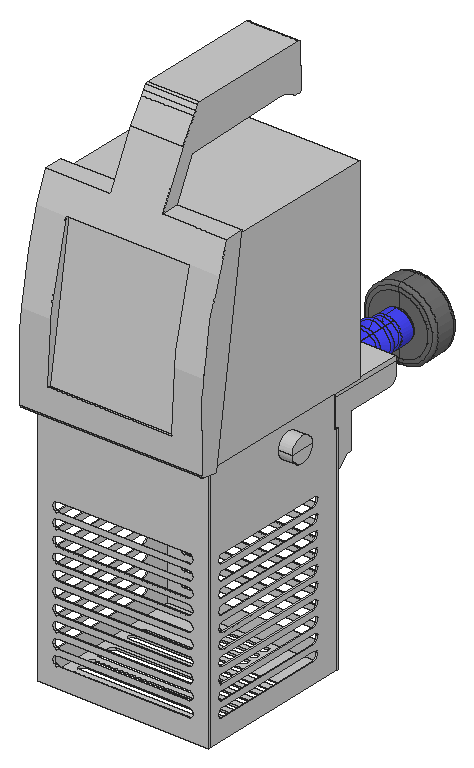
Revit family "SmartVide_9_GENERADO", category Equipos especializados, Revit 2016
Family settings
  Tipo de pieza = Normal
  Cota de conector redondo = Diámetro de uso
  Número OmniClass = 23.21.21.13
  Se basa en plano de trabajo = No
  Siempre vertical = Sí
  Corte con vacíos al cargar = No
  Compartido = No
  Punto de cálculo de habitación = No
Parameters
  Width = 0 mm
  Weight in Pounds = 0
  Volts = 0 V
  URL Cutsheet = ""
  URL = ""
  Specification by Manufacturer = ""
  Show Logo [instance] = yes
  Show Clearances [instance] = yes
  Revision Code = ""
  Phase = 0
  Model = ""
  Height = 0 mm
  Foodservice Equipment Identifier = yes
  Manufacturer = ""
  FL Amps = 0 A
  Electric Connection Type = ""
  Description = ""
  Depth = 0 mm
  Cycle = 0 Hz
  Type Comments = ""
Types (4, lengths in mm): name | Width | Weight in Pounds | Volts | URL Cutsheet | URL | Specification by Manufacturer | Revision Code | Phase | Model | Height | Manufacturer | FL Amps | Electric Connection Type | Description | Depth | Cycle | Type Comments
  (no name) | 0 | 0 | 0 V | "" | "" | "" | "" | 0 | "" | 0 | "" | 0 A | "" | "" | 0 | 0 Hz | ""
  SmartVide 9 230/50-60/1 UK | 124 | 9.3 | 230 V | "http://www.sammic.com/dl/455451/e13ef/ps-en-1180141-smartvide-9.pdf" | "https://www.sammic.com/model/1180141" | "Commercial high-precision sous-vide cooker. Reliable, user-friendly, portable.\nInterchangeable between ºC and ºF.\n· Bluetooth connectivity.\n· HACCP-ready.\n· Optional core probe.\n· Firmware update." | "1" | 1 | "1180141" | 360 | "SAMMIC S.L." | 8 A | "UK" | "SmartVide 9 230/50-60/1 UK" | 140 | 50 Hz | "Max. capacity: 56 lt./14 gal."
  SmartVide 9 120/60/1 | 124 | 9.3 | 120 V | "http://www.sammic.com/dl/454968/e58a4/ps-en-1180143-smartvide-9.pdf" | "https://www.sammic.com/model/1180143" | "Commercial high-precision sous-vide cooker. Reliable, user-friendly, portable.\nInterchangeable between ºC and ºF.\n· Bluetooth connectivity.\n· HACCP-ready.\n· Optional core probe.\n· Firmware update." | "1" | 1 | "1180143" | 360 | "SAMMIC S.L." | 12 A | "USA" | "SmartVide 9 120/60/1" | 140 | 50 Hz | "Max. capacity: 56 lt./14 gal."
  SmartVide 9 230/50-60/1 | 124 | 9.3 | 230 V | "http://www.sammic.com/dl/454967/3ef4a/ps-en-1180140-smartvide-9.pdf" | "https://www.sammic.com/model/1180140" | "Commercial high-precision sous-vide cooker. Reliable, user-friendly, portable.\nInterchangeable between ºC and ºF.\n· Bluetooth connectivity.\n· HACCP-ready.\n· Optional core probe.\n· Firmware update." | "1" | 1 | "1180140" | 360 | "SAMMIC S.L." | 8 A | "EU" | "SmartVide 9 230/50-60/1" | 140 | 50 Hz | "Max. capacity: 56 lt./14 gal."
Reference planes
  plane 1 "Centro (Frontal/Posterior)": y = 0
  plane 2: z = 0
  plane 3 "Centro (Izquierda/Derecha)": x = 0
Forms (mm)
  Revolve 1, solid
    sketch origin (0, 0, -12.909) x (1, 0, 0) y (0, 1, 0)
      loop
        line (-58.5, -34.216) -> (-68.5, -34.216) -> (-68.5, -42.618) -> (-58.5, -42.618) -> (-58.5, -34.216)
      loop
        line (58.5, -34.216) -> (58.5, -42.618) -> (68.5, -42.618) -> (68.5, -34.216) -> (58.5, -34.216)
      axis (-68.5, -42.618) -> (68.5, -42.618)
    angle from 0 to 360
  Extrusion 2, solid
    sketch origin (0, 0, 0) x (1, 0, 0) y (0, 0, 1)
      loop
        circle (-36.499, 42.816) r 12.5
    from -42 to -19
  Extrusion 3, solid
    sketch origin (0, 0, 0) x (1, 0, 0) y (0, 0, 1)
      loop
        line (-47.4, 120.795) -> (-47.4, 88.795) -> (-22.4, 88.795) -> (-22.4, 120.795) -> (-47.4, 120.795)
    from -21 to -19
  Extrusion 4, solid
    sketch origin (0, 0, 0) x (0, 1, 0) y (0, 0, 1)
      loop
        line (21, 116.295) -> (21, 93.295) -> (22, 93.295) -> (22, 104.795) -> (26.5, 114.995) -> (21, 116.295)
    from -42.9 to -26.9
Lines and regions (mm)
  symbolic lines, style "200-EquipBorder-2D"
    curve 1: line (-20.5, 60, 0) -> (-20.5, 56, 0)
    curve 2: arc (-20.5, 56, 0) -> (-21.964, 52.464, 0) -> (-25.5, 51, 0) r 5
    curve 3: line (-25.5, 51, 0) -> (-57.5, 51, 0)
    curve 4: line (-57.5, 51, 0) -> (-57.5, 19, 0)
    curve 5: line (-57.5, 19, 0) -> (-58.5, 19, 0)
    curve 6: line (-58.5, 19, 0) -> (-58.5, -25.301, 0)
    curve 7: line (-58.5, -25.301, 0) -> (-62.582, -25.301, 0)
    curve 8: line (-62.582, -25.301, 0) -> (-62.582, -34.253, 0)
    curve 9: line (-62.582, -34.253, 0) -> (-68.5, -34.253, 0)
    curve 10: line (-68.5, -34.253, 0) -> (-68.5, -51.02, 0)
    curve 11: line (-68.5, -51.02, 0) -> (-62.582, -51.02, 0)
    curve 12: line (-62.582, -51.02, 0) -> (-62.582, -126.14, 0)
    curve 13: line (-62.582, -126.14, 0) -> (62.582, -126.14, 0)
    curve 14: line (62.582, -126.14, 0) -> (62.582, -51.022, 0)
    curve 15: line (62.582, -51.022, 0) -> (68.5, -51.022, 0)
    curve 16: line (68.5, -51.022, 0) -> (68.5, -34.216, 0)
    curve 17: line (68.5, -34.216, 0) -> (62.582, -34.216, 0)
    curve 18: line (62.582, -34.216, 0) -> (62.582, -25.31, 0)
    curve 19: line (62.582, -25.31, 0) -> (58.5, -25.31, 0)
    curve 20: line (58.5, -25.31, 0) -> (58.5, 19, 0)
    curve 21: line (58.5, 19, 0) -> (57.5, 19, 0)
    curve 22: line (57.5, 19, 0) -> (57.5, 51, 0)
    curve 23: line (57.5, 51, 0) -> (25.5, 51, 0)
    curve 24: arc (25.5, 51, 0) -> (21.746, 52.681, 0) -> (20.5, 56.6, 0) r 5.032
    curve 25: line (20.5, 56.6, 0) -> (20.5, 60, 0)
    curve 26: line (-20.256, 125.27, 0) -> (-22.763, 125.712, 0)
    curve 27: arc (-22.763, 125.712, 0) -> (-24.332, 126.362, 0) -> (-24.982, 127.931, 0) r 2.219
    curve 28: line (-24.982, 127.931, 0) -> (-24.982, 141.308, 0)
    curve 29: arc (-24.982, 141.308, 0) -> (-24.278, 143.009, 0) -> (-22.576, 143.714, 0) r 2.406
    curve 30: line (-22.576, 143.714, 0) -> (-8.742, 146.161, 0)
    curve 31: line (-8.742, 146.161, 0) -> (8.742, 146.161, 0)
    curve 32: line (8.742, 146.161, 0) -> (22.623, 143.714, 0)
    curve 33: arc (22.623, 143.714, 0) -> (24.309, 143.015, 0) -> (25.008, 141.329, 0) r 2.384
    curve 34: line (25.008, 141.329, 0) -> (25.008, 127.939, 0)
    curve 35: arc (25.008, 127.939, 0) -> (24.518, 126.557, 0) -> (23.268, 125.791, 0) r 2.196
    curve 36: line (23.268, 125.791, 0) -> (20.256, 125.27, 0)
    curve 37: line (-20.256, 125.27, 0) -> (-10.882, 125.27, 0)
    curve 38: line (-10.882, 125.27, 0) -> (-10.882, 114.342, 0)
    curve 39: line (-10.267, 113.081, 0) -> (-7.099, 110.606, 0)
    curve 40: line (-7.099, 109.886, 0) -> (-11.954, 106.093, 0)
    curve 41: line (-11.954, 103.572, 0) -> (-7.143, 99.814, 0)
    curve 42: line (-7.143, 99.049, 0) -> (-11.972, 95.276, 0)
    curve 43: line (-11.972, 92.789, 0) -> (-7.116, 88.995, 0)
    curve 44: line (-7.116, 88.239, 0) -> (-11.943, 84.469, 0)
    curve 45: line (-11.943, 81.957, 0) -> (-7.122, 78.191, 0)
    curve 46: line (-7.122, 77.431, 0) -> (-11.969, 73.645, 0)
    curve 47: line (-11.969, 71.196, 0) -> (-6.959, 67.283, 0)
    curve 48: line (-6.586, 66.518, 0) -> (-6.586, 65.136, 0)
    curve 49: arc (-6.586, 65.136, 0) -> (-6.789, 64.474, 0) -> (-7.327, 64.038, 0) r 1.184
    curve 50: arc (-7.327, 64.038, 0) -> (-9.483, 62.127, 0) -> (-7.538, 60, 0) r 2.022
    curve 51: line (-7.538, 60, 0) -> (-20.5, 60, 0)
    curve 52: line (20.256, 125.27, 0) -> (10.908, 125.27, 0)
    curve 53: line (10.908, 125.27, 0) -> (10.908, 114.319, 0)
    curve 54: line (10.303, 113.079, 0) -> (7.133, 110.603, 0)
    curve 55: line (7.133, 109.857, 0) -> (11.966, 106.081, 0)
    curve 56: line (11.966, 103.581, 0) -> (7.152, 99.82, 0)
    curve 57: line (7.152, 99.025, 0) -> (11.933, 95.29, 0)
    curve 58: line (11.933, 92.719, 0) -> (7.13, 88.966, 0)
    curve 59: line (7.13, 88.239, 0) -> (11.943, 84.479, 0)
    curve 60: line (11.943, 81.957, 0) -> (7.141, 78.205, 0)
    curve 61: line (7.134, 77.493, 0) -> (11.952, 73.591, 0)
    curve 62: line (11.931, 71.142, 0) -> (7.012, 67.299, 0)
    curve 63: line (6.629, 66.514, 0) -> (6.629, 65.018, 0)
    curve 64: arc (6.629, 65.018, 0) -> (6.877, 64.355, 0) -> (7.5, 64.017, 0) r 1.012
    curve 65: arc (7.5, 64.017, 0) -> (9.509, 62.008, 0) -> (7.5, 60, 0) r 2.008
    curve 66: line (7.5, 60, 0) -> (20.5, 60, 0)
    curve 67: arc (-10.882, 114.342, 0) -> (-10.72, 113.641, 0) -> (-10.267, 113.081, 0) r 1.6
    curve 68: arc (-7.099, 110.606, 0) -> (-6.924, 110.246, 0) -> (-7.099, 109.886, 0) r 0.457
    curve 69: arc (-11.954, 106.093, 0) -> (-12.568, 104.833, 0) -> (-11.954, 103.572, 0) r 1.6
    curve 70: arc (-7.143, 99.814, 0) -> (-6.956, 99.431, 0) -> (-7.143, 99.049, 0) r 0.485
    curve 71: arc (-11.972, 95.276, 0) -> (-12.578, 94.033, 0) -> (-11.972, 92.789, 0) r 1.578
    curve 72: arc (-7.116, 88.995, 0) -> (-6.932, 88.617, 0) -> (-7.116, 88.239, 0) r 0.48
    curve 73: arc (-11.943, 84.469, 0) -> (-12.555, 83.213, 0) -> (-11.943, 81.957, 0) r 1.594
    curve 74: arc (-7.122, 78.191, 0) -> (-6.937, 77.811, 0) -> (-7.122, 77.431, 0) r 0.482
    curve 75: arc (-11.969, 73.645, 0) -> (-12.566, 72.421, 0) -> (-11.969, 71.196, 0) r 1.553
    curve 76: arc (-6.959, 67.283, 0) -> (-6.684, 66.943, 0) -> (-6.586, 66.518, 0) r 0.97
    curve 77: arc (7.012, 67.299, 0) -> (6.73, 66.951, 0) -> (6.629, 66.514, 0) r 0.996
    curve 78: arc (11.952, 73.591, 0) -> (12.532, 72.361, 0) -> (11.931, 71.142, 0) r 1.565
    curve 79: arc (7.141, 78.205, 0) -> (6.966, 77.851, 0) -> (7.134, 77.493, 0) r 0.455
    curve 80: arc (11.943, 84.479, 0) -> (12.558, 83.218, 0) -> (11.943, 81.957, 0) r 1.6
    curve 81: arc (7.13, 88.966, 0) -> (6.953, 88.602, 0) -> (7.13, 88.239, 0) r 0.462
    curve 82: arc (11.933, 95.29, 0) -> (12.56, 94.004, 0) -> (11.933, 92.719, 0) r 1.631
    curve 83: arc (7.152, 99.82, 0) -> (6.958, 99.422, 0) -> (7.152, 99.025, 0) r 0.505
    curve 84: arc (11.966, 106.081, 0) -> (12.576, 104.831, 0) -> (11.966, 103.581, 0) r 1.586
    curve 85: arc (7.133, 110.603, 0) -> (6.952, 110.23, 0) -> (7.133, 109.857, 0) r 0.473
    curve 86: arc (10.908, 114.319, 0) -> (10.748, 113.629, 0) -> (10.303, 113.079, 0) r 1.573
Dimensions and locks
  aligned and locked: level to plane 2
Nested families
  nested 1: "SmartVide_7_Caja" at (0, 0, 0), type "SmartVide_7_Caja"
    with Show Logo yes, Show Clearances yes
  nested 2: "SmartVide_7_Rejilla" at (0, 0, 0), type "SmartVide_7_Rejilla"
    with Show Logo yes, Show Clearances yes
  nested 3: "SmartVide_7_Separador" at (0, 18.75, 0), type "SmartVide_7_Separador"
    with Show Logo yes, Show Clearances yes
  nested 4: "SmartVide_9_Mandos" at (0, 108.511, 0), type "SmartVide_9_Mandos"
    with Show Logo yes, Show Clearances yes
Connectors
  electrical at (-36.499, 42, 42.816)
    settings: on Extrusion 2, index 1, voltage 230 V, apparent load 0 VA, apparent load phase1 0 VA, apparent load phase2 0 VA, apparent load phase3 0 VA, power factor 1, load classification "Otro", number of poles 1, system type 31, power factor state 1, is connector primary yes, connector utility no, sub classification motor no, connector description "Conexion electrica"
Definition of nested family "SmartVide_7_Caja"
  Parameters
    Show Logo [instance] = yes
    Show Clearances [instance] = yes
  Reference planes
    plane 1 "Centro (Frontal/Posterior)": y = 0
    plane 2: z = 0
    plane 3 "Centro (Izquierda/Derecha)": x = 0
  Forms (mm)
    Extrusion 1, solid
      sketch origin (0, 178.755, -26.414) x (0, 1, 0) y (0, 0, 1)
        loop
          line (-159.755, 160.412) -> (-266.187, 160.412) -> (-287.755, 26.414) -> (-159.755, 26.414) -> (-159.755, 160.412)
      from -58.5 to 58.5
  Dimensions and locks
    aligned and locked: level to plane 2
Definition of nested family "SmartVide_7_Rejilla"
  Parameters
    Show Logo [instance] = yes
    Show Clearances [instance] = yes
  Reference planes
    plane 1 "Centro (Frontal/Posterior)": y = 0
    plane 2: z = 0
    plane 3 "Centro (Izquierda/Derecha)": x = 0
  Forms (mm)
    Extrusion 1, solid
      sketch origin (0, 140, 0) x (1, 0, 0) y (0, 0, 1)
        loop
          line (-58.5, -169.75) -> (58.5, -169.75) -> (58.5, 0) -> (-58.5, 0) -> (-58.5, -169.75)
        loop
          arc (-44.5, -54.75) -> (-48, -58.25) -> (-44.5, -61.75) r 3.5
          line (-44.5, -61.75) -> (44.5, -61.75)
          arc (44.5, -61.75) -> (48, -58.25) -> (44.5, -54.75) r 3.5
          line (44.5, -54.75) -> (-44.5, -54.75)
        loop
          arc (-44.5, -65.25) -> (-48, -68.75) -> (-44.5, -72.25) r 3.5
          line (-44.5, -72.25) -> (44.5, -72.25)
          arc (44.5, -72.25) -> (48, -68.75) -> (44.5, -65.25) r 3.5
          line (44.5, -65.25) -> (-44.5, -65.25)
        loop
          arc (-44.5, -75.75) -> (-48, -79.25) -> (-44.5, -82.75) r 3.5
          line (-44.5, -82.75) -> (44.5, -82.75)
          arc (44.5, -82.75) -> (48, -79.25) -> (44.5, -75.75) r 3.5
          line (44.5, -75.75) -> (-44.5, -75.75)
        loop
          arc (-44.5, -86.25) -> (-48, -89.75) -> (-44.5, -93.25) r 3.5
          line (-44.5, -93.25) -> (44.5, -93.25)
          arc (44.5, -93.25) -> (48, -89.75) -> (44.5, -86.25) r 3.5
          line (44.5, -86.25) -> (-44.5, -86.25)
        loop
          arc (-44.5, -96.75) -> (-48, -100.25) -> (-44.5, -103.75) r 3.5
          line (-44.5, -103.75) -> (44.5, -103.75)
          arc (44.5, -103.75) -> (48, -100.25) -> (44.5, -96.75) r 3.5
          line (44.5, -96.75) -> (-44.5, -96.75)
        loop
          arc (-44.5, -107.25) -> (-48, -110.75) -> (-44.5, -114.25) r 3.5
          line (-44.5, -114.25) -> (44.5, -114.25)
          arc (44.5, -114.25) -> (48, -110.75) -> (44.5, -107.25) r 3.5
          line (44.5, -107.25) -> (-44.5, -107.25)
        loop
          arc (-44.5, -117.75) -> (-48, -121.25) -> (-44.5, -124.75) r 3.5
          line (-44.5, -124.75) -> (44.5, -124.75)
          arc (44.5, -124.75) -> (48, -121.25) -> (44.5, -117.75) r 3.5
          line (44.5, -117.75) -> (-44.5, -117.75)
        loop
          arc (-44.5, -128.25) -> (-48, -131.75) -> (-44.5, -135.25) r 3.5
          line (-44.5, -135.25) -> (44.5, -135.25)
          arc (44.5, -135.25) -> (48, -131.75) -> (44.5, -128.25) r 3.5
          line (44.5, -128.25) -> (-44.5, -128.25)
        loop
          arc (-44.5, -138.75) -> (-48, -142.25) -> (-44.5, -145.75) r 3.5
          line (-44.5, -145.75) -> (44.5, -145.75)
          arc (44.5, -145.75) -> (48, -142.25) -> (44.5, -138.75) r 3.5
          line (44.5, -138.75) -> (-44.5, -138.75)
        loop
          arc (-44.5, -149.25) -> (-48, -152.75) -> (-44.5, -156.25) r 3.5
          line (-44.5, -156.25) -> (44.5, -156.25)
          arc (44.5, -156.25) -> (48, -152.75) -> (44.5, -149.25) r 3.5
          line (44.5, -149.25) -> (-44.5, -149.25)
      from 250 to 249
    Extrusion 2, solid
      sketch origin (0, 249, 0) x (1, 0, 0) y (0, 0, 1)
        loop
          line (-58.5, -169.75) -> (58.5, -169.75) -> (58.5, -21.513) -> (-58.5, -21.513) -> (-58.5, -169.75)
        loop
          arc (-44.5, -54.75) -> (-48, -58.25) -> (-44.5, -61.75) r 3.5
          line (-44.5, -61.75) -> (44.5, -61.75)
          arc (44.5, -61.75) -> (48, -58.25) -> (44.5, -54.75) r 3.5
          line (44.5, -54.75) -> (-44.5, -54.75)
        loop
          arc (-44.5, -65.25) -> (-48, -68.75) -> (-44.5, -72.25) r 3.5
          line (-44.5, -72.25) -> (44.5, -72.25)
          arc (44.5, -72.25) -> (48, -68.75) -> (44.5, -65.25) r 3.5
          line (44.5, -65.25) -> (-44.5, -65.25)
        loop
          arc (-44.5, -75.75) -> (-48, -79.25) -> (-44.5, -82.75) r 3.5
          line (-44.5, -82.75) -> (44.5, -82.75)
          arc (44.5, -82.75) -> (48, -79.25) -> (44.5, -75.75) r 3.5
          line (44.5, -75.75) -> (-44.5, -75.75)
        loop
          arc (-44.5, -86.25) -> (-48, -89.75) -> (-44.5, -93.25) r 3.5
          line (-44.5, -93.25) -> (44.5, -93.25)
          arc (44.5, -93.25) -> (48, -89.75) -> (44.5, -86.25) r 3.5
          line (44.5, -86.25) -> (-44.5, -86.25)
        loop
          arc (-44.5, -96.75) -> (-48, -100.25) -> (-44.5, -103.75) r 3.5
          line (-44.5, -103.75) -> (44.5, -103.75)
          arc (44.5, -103.75) -> (48, -100.25) -> (44.5, -96.75) r 3.5
          line (44.5, -96.75) -> (-44.5, -96.75)
        loop
          arc (-44.5, -107.25) -> (-48, -110.75) -> (-44.5, -114.25) r 3.5
          line (-44.5, -114.25) -> (44.5, -114.25)
          arc (44.5, -114.25) -> (48, -110.75) -> (44.5, -107.25) r 3.5
          line (44.5, -107.25) -> (-44.5, -107.25)
        loop
          arc (-44.5, -117.75) -> (-48, -121.25) -> (-44.5, -124.75) r 3.5
          line (-44.5, -124.75) -> (44.5, -124.75)
          arc (44.5, -124.75) -> (48, -121.25) -> (44.5, -117.75) r 3.5
          line (44.5, -117.75) -> (-44.5, -117.75)
        loop
          arc (-44.5, -128.25) -> (-48, -131.75) -> (-44.5, -135.25) r 3.5
          line (-44.5, -135.25) -> (44.5, -135.25)
          arc (44.5, -135.25) -> (48, -131.75) -> (44.5, -128.25) r 3.5
          line (44.5, -128.25) -> (-44.5, -128.25)
        loop
          arc (-44.5, -138.75) -> (-48, -142.25) -> (-44.5, -145.75) r 3.5
          line (-44.5, -145.75) -> (44.5, -145.75)
          arc (44.5, -145.75) -> (48, -142.25) -> (44.5, -138.75) r 3.5
          line (44.5, -138.75) -> (-44.5, -138.75)
        loop
          arc (-44.5, -149.25) -> (-48, -152.75) -> (-44.5, -156.25) r 3.5
          line (-44.5, -156.25) -> (44.5, -156.25)
          arc (44.5, -156.25) -> (48, -152.75) -> (44.5, -149.25) r 3.5
          line (44.5, -149.25) -> (-44.5, -149.25)
      from 250 to 249
    Extrusion 3, solid
      sketch origin (0, 114.758, 0) x (0, 1, 0) y (0, 0, 1)
        loop
          line (-223.758, 0) -> (-223.758, -169.75) -> (-115.758, -169.75) -> (-115.758, -21.75) -> (-117.758, -21.75) -> (-117.758, 0) -> (-223.758, 0)
        loop
          line (-135.258, -54.75) -> (-213.258, -54.75)
          arc (-213.258, -54.75) -> (-216.758, -58.25) -> (-213.258, -61.75) r 3.5
          line (-213.258, -61.75) -> (-135.258, -61.75)
          arc (-135.258, -61.75) -> (-131.758, -58.25) -> (-135.258, -54.75) r 3.5
        loop
          line (-135.258, -65.25) -> (-213.258, -65.25)
          arc (-213.258, -65.25) -> (-216.758, -68.75) -> (-213.258, -72.25) r 3.5
          line (-213.258, -72.25) -> (-135.258, -72.25)
          arc (-135.258, -72.25) -> (-131.758, -68.75) -> (-135.258, -65.25) r 3.5
        loop
          line (-135.258, -75.75) -> (-213.258, -75.75)
          arc (-213.258, -75.75) -> (-216.758, -79.25) -> (-213.258, -82.75) r 3.5
          line (-213.258, -82.75) -> (-135.258, -82.75)
          arc (-135.258, -82.75) -> (-131.758, -79.25) -> (-135.258, -75.75) r 3.5
        loop
          line (-135.258, -86.25) -> (-213.258, -86.25)
          arc (-213.258, -86.25) -> (-216.758, -89.75) -> (-213.258, -93.25) r 3.5
          line (-213.258, -93.25) -> (-135.258, -93.25)
          arc (-135.258, -93.25) -> (-131.758, -89.75) -> (-135.258, -86.25) r 3.5
        loop
          line (-135.258, -96.75) -> (-213.258, -96.75)
          arc (-213.258, -96.75) -> (-216.758, -100.25) -> (-213.258, -103.75) r 3.5
          line (-213.258, -103.75) -> (-135.258, -103.75)
          arc (-135.258, -103.75) -> (-131.758, -100.25) -> (-135.258, -96.75) r 3.5
        loop
          line (-135.258, -107.25) -> (-213.258, -107.25)
          arc (-213.258, -107.25) -> (-216.758, -110.75) -> (-213.258, -114.25) r 3.5
          line (-213.258, -114.25) -> (-135.258, -114.25)
          arc (-135.258, -114.25) -> (-131.758, -110.75) -> (-135.258, -107.25) r 3.5
        loop
          line (-135.258, -117.75) -> (-213.258, -117.75)
          arc (-213.258, -117.75) -> (-216.758, -121.25) -> (-213.258, -124.75) r 3.5
          line (-213.258, -124.75) -> (-135.258, -124.75)
          arc (-135.258, -124.75) -> (-131.758, -121.25) -> (-135.258, -117.75) r 3.5
        loop
          line (-135.258, -128.25) -> (-213.258, -128.25)
          arc (-213.258, -128.25) -> (-216.758, -131.75) -> (-213.258, -135.25) r 3.5
          line (-213.258, -135.25) -> (-135.258, -135.25)
          arc (-135.258, -135.25) -> (-131.758, -131.75) -> (-135.258, -128.25) r 3.5
        loop
          line (-135.258, -138.75) -> (-213.258, -138.75)
          arc (-213.258, -138.75) -> (-216.758, -142.25) -> (-213.258, -145.75) r 3.5
          line (-213.258, -145.75) -> (-135.258, -145.75)
          arc (-135.258, -145.75) -> (-131.758, -142.25) -> (-135.258, -138.75) r 3.5
        loop
          line (-135.258, -149.25) -> (-213.258, -149.25)
          arc (-213.258, -149.25) -> (-216.758, -152.75) -> (-213.258, -156.25) r 3.5
          line (-213.258, -156.25) -> (-135.258, -156.25)
          arc (-135.258, -156.25) -> (-131.758, -152.75) -> (-135.258, -149.25) r 3.5
        loop
          circle (-157.376, -13) r 7
      from 57.5 to 58.5
    Extrusion 4, solid
      sketch origin (-116, 114.758, 0) x (0, 1, 0) y (0, 0, 1)
        loop
          line (-223.758, 0) -> (-223.758, -169.75) -> (-115.758, -169.75) -> (-115.758, -21.75) -> (-117.758, -21.75) -> (-117.758, 0) -> (-223.758, 0)
        loop
          line (-135.258, -54.75) -> (-213.258, -54.75)
          arc (-213.258, -54.75) -> (-216.758, -58.25) -> (-213.258, -61.75) r 3.5
          line (-213.258, -61.75) -> (-135.258, -61.75)
          arc (-135.258, -61.75) -> (-131.758, -58.25) -> (-135.258, -54.75) r 3.5
        loop
          line (-135.258, -65.25) -> (-213.258, -65.25)
          arc (-213.258, -65.25) -> (-216.758, -68.75) -> (-213.258, -72.25) r 3.5
          line (-213.258, -72.25) -> (-135.258, -72.25)
          arc (-135.258, -72.25) -> (-131.758, -68.75) -> (-135.258, -65.25) r 3.5
        loop
          line (-135.258, -75.75) -> (-213.258, -75.75)
          arc (-213.258, -75.75) -> (-216.758, -79.25) -> (-213.258, -82.75) r 3.5
          line (-213.258, -82.75) -> (-135.258, -82.75)
          arc (-135.258, -82.75) -> (-131.758, -79.25) -> (-135.258, -75.75) r 3.5
        loop
          line (-135.258, -86.25) -> (-213.258, -86.25)
          arc (-213.258, -86.25) -> (-216.758, -89.75) -> (-213.258, -93.25) r 3.5
          line (-213.258, -93.25) -> (-135.258, -93.25)
          arc (-135.258, -93.25) -> (-131.758, -89.75) -> (-135.258, -86.25) r 3.5
        loop
          line (-135.258, -96.75) -> (-213.258, -96.75)
          arc (-213.258, -96.75) -> (-216.758, -100.25) -> (-213.258, -103.75) r 3.5
          line (-213.258, -103.75) -> (-135.258, -103.75)
          arc (-135.258, -103.75) -> (-131.758, -100.25) -> (-135.258, -96.75) r 3.5
        loop
          line (-135.258, -107.25) -> (-213.258, -107.25)
          arc (-213.258, -107.25) -> (-216.758, -110.75) -> (-213.258, -114.25) r 3.5
          line (-213.258, -114.25) -> (-135.258, -114.25)
          arc (-135.258, -114.25) -> (-131.758, -110.75) -> (-135.258, -107.25) r 3.5
        loop
          line (-135.258, -117.75) -> (-213.258, -117.75)
          arc (-213.258, -117.75) -> (-216.758, -121.25) -> (-213.258, -124.75) r 3.5
          line (-213.258, -124.75) -> (-135.258, -124.75)
          arc (-135.258, -124.75) -> (-131.758, -121.25) -> (-135.258, -117.75) r 3.5
        loop
          line (-135.258, -128.25) -> (-213.258, -128.25)
          arc (-213.258, -128.25) -> (-216.758, -131.75) -> (-213.258, -135.25) r 3.5
          line (-213.258, -135.25) -> (-135.258, -135.25)
          arc (-135.258, -135.25) -> (-131.758, -131.75) -> (-135.258, -128.25) r 3.5
        loop
          line (-135.258, -138.75) -> (-213.258, -138.75)
          arc (-213.258, -138.75) -> (-216.758, -142.25) -> (-213.258, -145.75) r 3.5
          line (-213.258, -145.75) -> (-135.258, -145.75)
          arc (-135.258, -145.75) -> (-131.758, -142.25) -> (-135.258, -138.75) r 3.5
        loop
          line (-135.258, -149.25) -> (-213.258, -149.25)
          arc (-213.258, -149.25) -> (-216.758, -152.75) -> (-213.258, -156.25) r 3.5
          line (-213.258, -156.25) -> (-135.258, -156.25)
          arc (-135.258, -156.25) -> (-131.758, -152.75) -> (-135.258, -149.25) r 3.5
        loop
          circle (-157.376, -13) r 7
      from 57.5 to 58.5
    Extrusion 5, solid
      sketch origin (-181.507, -189.523, 0) x (1, 0, 0) y (0, 1, 0)
        loop
          line (124.007, 188.523) -> (124.007, 80.523) -> (239.007, 80.523) -> (239.007, 188.523) -> (124.007, 188.523)
        loop
          arc (165.507, 183.223) -> (163.007, 180.723) -> (165.507, 178.223) r 2.5
          line (165.507, 178.223) -> (197.507, 178.223)
          arc (197.507, 178.223) -> (200.007, 180.723) -> (197.507, 183.223) r 2.5
          line (197.507, 183.223) -> (165.507, 183.223)
        loop
          arc (165.507, 174.723) -> (163.007, 172.223) -> (165.507, 169.723) r 2.5
          line (165.507, 169.723) -> (197.507, 169.723)
          arc (197.507, 169.723) -> (200.007, 172.223) -> (197.507, 174.723) r 2.5
          line (197.507, 174.723) -> (165.507, 174.723)
        loop
          arc (165.507, 166.223) -> (163.007, 163.723) -> (165.507, 161.223) r 2.5
          line (165.507, 161.223) -> (197.507, 161.223)
          arc (197.507, 161.223) -> (200.007, 163.723) -> (197.507, 166.223) r 2.5
          line (197.507, 166.223) -> (165.507, 166.223)
        loop
          arc (134.007, 157.723) -> (131.507, 155.223) -> (134.007, 152.723) r 2.5
          line (134.007, 152.723) -> (229.007, 152.723)
          arc (229.007, 152.723) -> (231.507, 155.223) -> (229.007, 157.723) r 2.5
          line (229.007, 157.723) -> (134.007, 157.723)
        loop
          arc (134.007, 149.223) -> (131.507, 146.723) -> (134.007, 144.223) r 2.5
          line (134.007, 144.223) -> (229.007, 144.223)
          arc (229.007, 144.223) -> (231.507, 146.723) -> (229.007, 149.223) r 2.5
          line (229.007, 149.223) -> (134.007, 149.223)
        loop
          arc (134.007, 140.723) -> (131.507, 138.223) -> (134.007, 135.723) r 2.5
          line (134.007, 135.723) -> (229.007, 135.723)
          arc (229.007, 135.723) -> (231.507, 138.223) -> (229.007, 140.723) r 2.5
          line (229.007, 140.723) -> (134.007, 140.723)
        loop
          arc (134.007, 132.223) -> (131.507, 129.723) -> (134.007, 127.223) r 2.5
          line (134.007, 127.223) -> (229.007, 127.223)
          arc (229.007, 127.223) -> (231.507, 129.723) -> (229.007, 132.223) r 2.5
          line (229.007, 132.223) -> (134.007, 132.223)
        loop
          arc (134.007, 123.723) -> (131.507, 121.223) -> (134.007, 118.723) r 2.5
          line (134.007, 118.723) -> (229.007, 118.723)
          arc (229.007, 118.723) -> (231.507, 121.223) -> (229.007, 123.723) r 2.5
          line (229.007, 123.723) -> (134.007, 123.723)
        loop
          arc (134.007, 115.223) -> (131.507, 112.723) -> (134.007, 110.223) r 2.5
          line (134.007, 110.223) -> (229.007, 110.223)
          arc (229.007, 110.223) -> (231.507, 112.723) -> (229.007, 115.223) r 2.5
          line (229.007, 115.223) -> (134.007, 115.223)
        loop
          arc (134.007, 106.723) -> (131.507, 104.223) -> (134.007, 101.723) r 2.5
          line (134.007, 101.723) -> (229.007, 101.723)
          arc (229.007, 101.723) -> (231.507, 104.223) -> (229.007, 106.723) r 2.5
          line (229.007, 106.723) -> (134.007, 106.723)
        loop
          arc (134.007, 98.223) -> (131.507, 95.723) -> (134.007, 93.223) r 2.5
          line (134.007, 93.223) -> (229.007, 93.223)
          arc (229.007, 93.223) -> (231.507, 95.723) -> (229.007, 98.223) r 2.5
          line (229.007, 98.223) -> (134.007, 98.223)
        loop
          arc (134.007, 89.723) -> (131.507, 87.223) -> (134.007, 84.723) r 2.5
          line (134.007, 84.723) -> (229.007, 84.723)
          arc (229.007, 84.723) -> (231.507, 87.223) -> (229.007, 89.723) r 2.5
          line (229.007, 89.723) -> (134.007, 89.723)
      from -169.75 to -168.75
  Dimensions and locks
    aligned and locked: level to plane 2
Definition of nested family "SmartVide_7_Separador"
  Parameters
    Show Logo [instance] = yes
    Show Clearances [instance] = yes
  Reference planes
    plane 1 "Centro (Frontal/Posterior)": y = 0
    plane 2: z = 0
    plane 3 "Centro (Izquierda/Derecha)": x = 0
    plane 4: through (119.793, -1524, 195.081) normal (0.8522, 0, -0.5233)
  Forms (mm)
    Extrusion 1, solid
      sketch origin (-221.675, -199.321, -250) x (1, 0, 0) y (0, 1, 0)
        loop
          line (164.175, 180.571) -> (279.175, 180.571) -> (279.175, 231.571) -> (247.175, 231.571)
          arc (247.175, 231.571) -> (243.428, 233.258) -> (242.175, 237.171) r 5.051
          line (242.175, 237.171) -> (242.175, 240.571) -> (201.175, 240.571) -> (201.175, 236.571)
          arc (201.175, 236.571) -> (199.71, 233.036) -> (196.175, 231.571) r 5
          line (196.175, 231.571) -> (164.175, 231.571) -> (164.175, 180.571)
      from 247 to 250
    Extrusion 2, solid
      sketch origin (-221.675, 462.343, -1387.742) x (0, 1, 0) y (0, 0, 1)
        loop
          line (-481.093, 1384.742) -> (-481.093, 1341.571)
          arc (-481.093, 1341.571) -> (-479.859, 1339.723) -> (-477.679, 1340.156) r 2
          line (-477.679, 1340.156) -> (-472.093, 1345.742) -> (-468.093, 1345.742) -> (-468.093, 1370.742) -> (-435.093, 1370.742)
          arc (-435.093, 1370.742) -> (-431.558, 1372.207) -> (-430.093, 1375.742) r 5
          line (-430.093, 1375.742) -> (-430.093, 1384.742) -> (-481.093, 1384.742)
      from 164.175 to 167.175
    Extrusion 3, solid
      sketch origin (-109.675, 462.343, -1387.742) x (0, 1, 0) y (0, 0, 1)
        loop
          line (-481.093, 1384.742) -> (-481.093, 1341.571)
          arc (-481.093, 1341.571) -> (-479.859, 1339.723) -> (-477.679, 1340.156) r 2
          line (-477.679, 1340.156) -> (-472.093, 1345.742) -> (-468.093, 1345.742) -> (-468.093, 1370.742) -> (-435.093, 1370.742)
          arc (-435.093, 1370.742) -> (-431.558, 1372.207) -> (-430.093, 1375.742) r 5
          line (-430.093, 1375.742) -> (-430.093, 1384.742) -> (-481.093, 1384.742)
      from 164.175 to 167.175
    Extrusion 4, solid
      sketch origin (-189.518, 0, -992.037) x (1, 0, 0) y (0, 0, 1)
        loop
          arc (169.018, 946.037) -> (170.482, 942.501) -> (174.018, 941.037) r 5
          line (174.018, 941.037) -> (205.018, 941.037)
          arc (205.018, 941.037) -> (208.553, 942.501) -> (210.018, 946.037) r 5
          line (210.018, 946.037) -> (210.018, 989.037) -> (169.018, 989.037) -> (169.018, 946.037)
        loop
          circle (189.518, 958.037) r 5.5
      from -41.25 to -38.25
    Revolve 5, solid
      sketch origin (0, 462.343, -1387.742) x (0, 1, 0) y (0, 0, 1)
        loop
          line (-334.932, 1353.742) -> (-334.932, 1362.484) -> (-337.38, 1376.365)
          arc (-337.38, 1376.365) -> (-338.073, 1378.04) -> (-339.748, 1378.734) r 2.368
          line (-339.748, 1378.734) -> (-353.037, 1378.734)
          arc (-353.037, 1378.734) -> (-354.532, 1378.19) -> (-355.327, 1376.813) r 2.325
          line (-355.327, 1376.813) -> (-355.823, 1373.998) -> (-355.823, 1364.24) -> (-357.093, 1364.24) -> (-357.093, 1356.992) -> (-424.093, 1356.992) -> (-424.093, 1360.223) -> (-434.093, 1360.223) -> (-435.093, 1359.223) -> (-436.843, 1358.742) -> (-438.6, 1358.742) -> (-438.6, 1357.742) -> (-468.093, 1357.742) -> (-468.093, 1353.742) -> (-334.932, 1353.742)
        axis (-334.932, 1353.742) -> (-468.093, 1353.742)
      angle from 0 to 360
    Revolve 6, solid
      sketch origin (0, 462.343, -1387.742) x (0, 1, 0) y (0, 0, 1)
        loop
          line (-357.093, 1356.995) -> (-357.093, 1364.592) -> (-366.784, 1364.592)
          arc (-366.784, 1364.592) -> (-367.486, 1364.43) -> (-368.045, 1363.977) r 1.6
          line (-368.045, 1363.977) -> (-370.458, 1360.889)
          arc (-370.458, 1360.889) -> (-370.852, 1360.697) -> (-371.246, 1360.889) r 0.5
          line (-371.246, 1360.889) -> (-374.997, 1365.69)
          arc (-374.997, 1365.69) -> (-376.258, 1366.305) -> (-377.519, 1365.69) r 1.6
          line (-377.519, 1365.69) -> (-381.269, 1360.889)
          arc (-381.269, 1360.889) -> (-381.663, 1360.697) -> (-382.057, 1360.889) r 0.5
          line (-382.057, 1360.889) -> (-385.808, 1365.69)
          arc (-385.808, 1365.69) -> (-387.069, 1366.305) -> (-388.33, 1365.69) r 1.6
          line (-388.33, 1365.69) -> (-392.081, 1360.889)
          arc (-392.081, 1360.889) -> (-392.475, 1360.697) -> (-392.869, 1360.889) r 0.5
          line (-392.869, 1360.889) -> (-396.62, 1365.69)
          arc (-396.62, 1365.69) -> (-397.88, 1366.305) -> (-399.141, 1365.69) r 1.6
          line (-399.141, 1365.69) -> (-402.892, 1360.889)
          arc (-402.892, 1360.889) -> (-403.286, 1360.697) -> (-403.68, 1360.889) r 0.5
          line (-403.68, 1360.889) -> (-407.431, 1365.69)
          arc (-407.431, 1365.69) -> (-408.692, 1366.305) -> (-409.953, 1365.69) r 1.6
          line (-409.953, 1365.69) -> (-413.83, 1360.727)
          arc (-413.83, 1360.727) -> (-414.18, 1360.443) -> (-414.618, 1360.342) r 1
          line (-414.618, 1360.342) -> (-416.095, 1360.342)
          arc (-416.095, 1360.342) -> (-416.79, 1360.623) -> (-417.094, 1361.309) r 1
          arc (-417.094, 1361.309) -> (-419.127, 1363.242) -> (-421.093, 1361.242) r 2
          line (-421.093, 1361.242) -> (-421.093, 1356.995) -> (-357.093, 1356.995)
        axis (-357.093, 1353.742) -> (-421.093, 1353.742)
      angle from 0 to 360
  Dimensions and locks
    aligned and locked: level to plane 2
Definition of nested family "SmartVide_9_Mandos"
  Parameters
    Show Logo [instance] = yes
    Show Clearances [instance] = yes
  Reference planes
    plane 1 "Centro (Frontal/Posterior)": y = 0
    plane 2: z = 0
    plane 3 "Centro (Izquierda/Derecha)": x = 0
  Forms (mm)
    Extrusion 1, solid
      sketch origin (-125, 0.161, 3.254) x (0, 0.999888, 0.014946) y (0, -0.014946, 0.999888)
        loop
          line (-86.709, 161.167) -> (-86.709, 190.125)
          arc (-86.709, 190.125) -> (-87.148, 191.185) -> (-88.209, 191.625) r 1.5
          line (-88.209, 191.625) -> (-172.591, 192.361)
          arc (-172.591, 192.361) -> (-173.472, 192.166) -> (-174.177, 191.603) r 2
          line (-174.177, 191.603) -> (-176.317, 188.862) -> (-178.107, 186.484) -> (-187.831, 171.9)
          arc (-187.831, 171.9) -> (-221.655, 90.92) -> (-229.185, 3.483) r 284.461
          arc (-229.185, 3.483) -> (-228.739, 2.144) -> (-227.524, 1.428) r 2.013
          line (-227.524, 1.428) -> (-219.427, 0) -> (-217.696, 0) -> (-193.657, 136.327)
          arc (-193.657, 136.327) -> (-186.967, 150.236) -> (-179.706, 163.856) r 372.189
          line (-179.706, 163.856) -> (-104.255, 164.514)
          arc (-104.255, 164.514) -> (-98.182, 163.463) -> (-92.87, 160.338) r 17.197
          arc (-92.87, 160.338) -> (-91.671, 159.838) -> (-90.383, 159.667) r 4.949
          line (-90.383, 159.667) -> (-88.209, 159.667)
          arc (-88.209, 159.667) -> (-87.148, 160.107) -> (-86.709, 161.167) r 1.5
      from 62.864 to 187.136
    Extrusion 2, void
      sketch origin (0, 0.161, 3.254) x (1, 0, 0) y (0, -0.014946, 0.999888)
        loop
          line (-17.735, 138.423) -> (-17.735, 193.361) -> (-63.136, 193.361) -> (-63.136, 138.423) -> (-17.735, 138.423)
        loop
          line (17.735, 138.423) -> (63.136, 138.423) -> (63.136, 193.361) -> (17.735, 193.361) -> (17.735, 138.423)
      from 85.287 to 206.379
    Extrusion 3, void
      sketch origin (0, 0.161, 3.254) x (0, 0.999888, 0.014946) y (0, -0.014946, 0.999888)
        loop
          line (-210.752, 118.946) -> (-217.613, 120.156) -> (-234.842, 22.445) -> (-227.982, 21.236) -> (-210.752, 118.946)
      from -42.501 to 42.499
  Cuts and joins
    Extrusion 2, Extrusion 3 cuts Extrusion 1
  Dimensions and locks
    aligned and locked: level to plane 2
